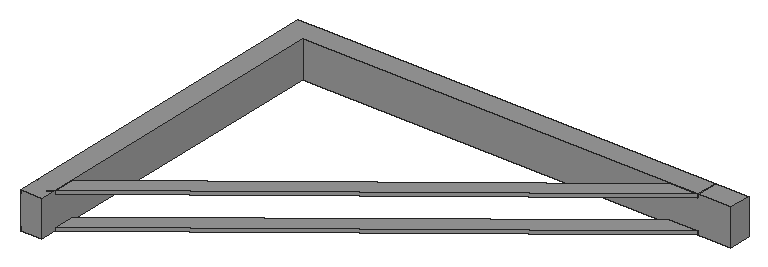
Revit family "НЕВАТОМ_Кронштейн VR-KP, Версия 1", category Оборудование, Revit 2017
Family settings
  Размер круглого соединителя = Использовать диаметр
  Тип детали = Нормальный
  На основе рабочей плоскости = Нет
  Всегда вертикально = Да
  При загрузке вырезать с полостями = Нет
  Общий = Нет
  Точка расчета площади = Нет
Parameters (values of type "Кронштейн VR-KP")
  Материал = Сталь оцинкованная
  Кронштейн = "НЕВАТОМ_Кронштейн VR-KP"  # constant formula
  t2 = H - t1  # 46 mm
  t1 = 5 mm
  t = size_lookup(Кронштейн, "t", 30 mm, VRKP)  # 30 mm
  VRKP = 250 mm
  H = size_lookup(Кронштейн, "H", 51 mm, VRKP)  # 51 mm
  B = size_lookup(Кронштейн, "B", 486 mm, VRKP)  # 486 mm
  ADSK_Примечание = ""
  ADSK_Обозначение = "Кронтштейн VR-KP D/D"  # constant formula
  ADSK_Наименование = size_lookup(Кронштейн, "", "Кронштейн VR-KP 250/280", VRKP)  # "Кронштейн VR-KP-250/280"
  ADSK_Масса = size_lookup(Кронштейн, "M", 3, VRKP)  # 3
  ADSK_Марка = ""
  ADSK_Количество = 1
  ADSK_Код изделия = ""
  ADSK_Завод-изготовитель = "НЕВАТОМ"
  ADSK_Единица измерения = "шт."
  A = size_lookup(Кронштейн, "A", 630 mm, VRKP)  # 630 mm
Reference planes
  plane 1 "По центру (Вперед/Назад)": y = 0
  plane 2: z = 0
  plane 3 "По центру (Влево/Вправо)": x = 0
  plane 4: x = -315
  plane 5: y = 243
  plane 6: y = -243
  plane 7: x = 315
  plane 8: y = 213
  plane 9: x = -285
Forms (mm)
  Extrusion 1, solid, material "Сталь оцинкованная" <- "Материал"
    sketch origin (0, 0, 0) x (1, 0, 0) y (0, 1, 0)
      loop
        line (-315, 243) -> (-315, -243) -> (-285, -243) -> (-285, 213) -> (315, 213) -> (315, 243) -> (-286.25, 243) -> (-315, 243)
    from 0 to 51 <- "H"
  Extrusion 2, solid, material "Сталь оцинкованная" <- "Материал"
    sketch origin (0, 0, 0) x (1, 0, 0) y (0, 1, 0)
      loop
        line (268.819, 243) -> (-315, -213) -> (-315, -243) -> (268.819, 213) -> (268.819, 243)
    from 0 to 5 <- "t1"
  Extrusion 3, solid, material "Сталь оцинкованная" <- "Материал"
    sketch origin (0, 0, 0) x (1, 0, 0) y (0, 1, 0)
      loop
        line (268.819, 243) -> (-315, -213) -> (-315, -243) -> (268.819, 213) -> (268.819, 243)
    from 46 <- "t2" to 51 <- "H"
Lines and regions (mm)
  reference lines
    curve 1: line (-286.25, -243, 0) -> (-286.25, 213, 0)
    curve 2: line (-315, 243, 0) -> (-315, -243, 0)
    curve 3: line (-315, -243, 0) -> (-286.25, -243, 0)
    curve 4: line (-315, 243, 0) -> (315, 243, 0)
    curve 5: line (315, 243, 0) -> (315, 213, 0)
    curve 6: line (315, 213, 0) -> (-286.25, 213, 0)
    curve 7: line (285, 213, 0) -> (315, 213, 0)
    curve 8: line (-286.25, -243, 0) -> (-286.25, -213, 0)
Dimensions and locks
  equal spacing: plane 4, plane 3 "По центру (Влево/Вправо)", plane 7
  "A": plane 4 to plane 7
  equal spacing: plane 5, plane 1 "По центру (Вперед/Назад)", plane 6
  "B": plane 5 to plane 6
  "t": plane 5 to plane 8
  "t": plane 4 to plane 9
  aligned and locked: level to plane 2
  aligned and locked: plane 8 to curve 6
  aligned and locked: plane 7 to curve 5
  aligned and locked: plane 5 to curve 4
  aligned and locked: plane 4 to curve 2
  aligned and locked: plane 6 to curve 3
  aligned and locked: Extrusion 1 sketch curve to curve 4
  aligned and locked: Extrusion 1 sketch curve to curve 2
  aligned and locked: Extrusion 1 sketch curve to curve 3
  aligned and locked: Extrusion 1 sketch curve to Extrusion 1 sketch curve
  aligned and locked: Extrusion 1 sketch curve to curve 6
  aligned and locked: Extrusion 1 sketch curve to curve 5
  aligned and locked: plane 9 to Extrusion 1
Automatic sketch dimensions
  curve 3 to plane 9 = 1.25 mm
  curve 7 to plane 7 = 30 mm
  curve 1 to curve 8 = 30 mm
  Extrusion 1 sketch curve to plane 9 = 0 mm
  Extrusion 1 sketch curve to plane 9 = 1.25 mm
  Extrusion 3 sketch curve to plane 4 = 0 mm
  Extrusion 3 sketch curve to plane 8 = 0 mm
  Extrusion 3 sketch curve to plane 5 = 0 mm
  Extrusion 3 sketch curve to plane 6 = 0 mm
  Extrusion 3 sketch curve to plane 7 = 46.181 mm
  plane 6 to Extrusion 3 sketch curve = 30 mm
  Extrusion 2 sketch curve to plane 4 = 0 mm
  Extrusion 2 sketch curve to plane 8 = 0 mm
  Extrusion 2 sketch curve to plane 5 = 0 mm
  Extrusion 2 sketch curve to plane 6 = 0 mm
  Extrusion 2 sketch curve to plane 7 = 46.181 mm
  Extrusion 2 sketch curve to Extrusion 2 sketch curve = 30 mm
